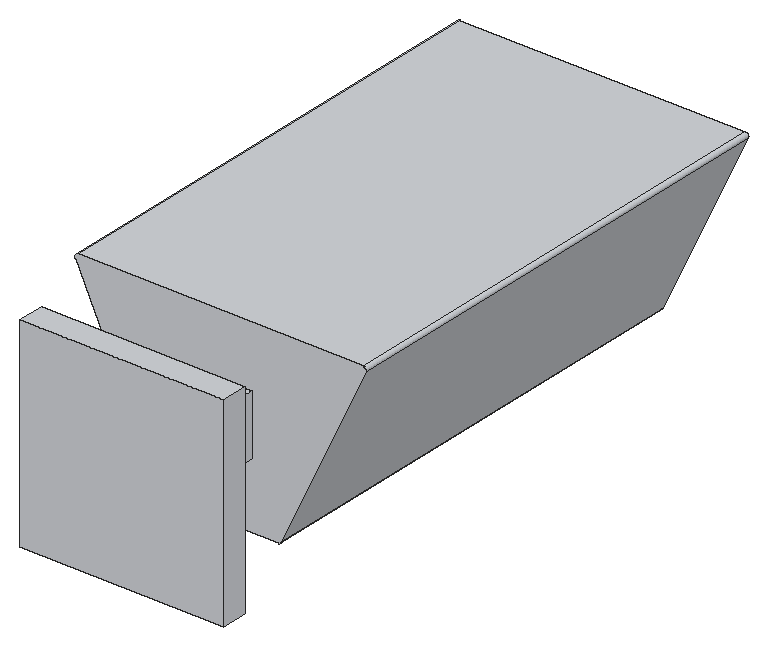
Revit family "Atlas_Sound_IP-DDS_Wall_Mounted", category Generic Models, host Wall, Revit 2016
Family settings
  Host = Wall
  Part Type = Normal
  Can host rebar = No
  Round Connector Dimension = Use Diameter
  Always vertical = Yes
  Cut with Voids When Loaded = No
  Shared = No
  Room Calculation Point = No
Parameters
  Warranty Duration (Years) = 0
  URL = "https://www.atlasied.com/ip-dds"
  Specification = ""
  SpecWizard = ""
  Send Message = ""
  Sales Information = ""
  Revision = ""
  Product Properties = ""
  Product Data = "https://www.atlasied.com/f/6029/IP-DDS_IP-DD_DataSheet.pdf"
  OmniClass Title = ""
  OmniClass Number = ""
  MasterFormat04 Keynote = ""
  Manufacturer's Notes = ""
  Manufacturer Website = "https://www.atlasied.com/"
  Manufacturer Phone - Toll Free = "800-876-3333"
  Manufacturer Phone = "602-438-4545"
  Manufacturer Fax = "602-438-8692"
  Manufacturer Email = ""
  Manufacturer Address = "4545 E. Baseline Rd. Phoenix, AZ 85040"
  Manufacturer = "Atlas Sound"
  Maintenance Schedule (Months) = 0
  Installation-Fabrication = "https://www.atlasied.com/f/6029/IP-DDS_IP-DD_DataSheet.pdf"
  Installation Phase = ""
  Green Building-LEED = ""
  Expected Lifespan (Years) = 0
  Drawn By = "Matt Wunch"
  Description = "POE+ IP compliant IP dual sided LCD endpoint with speakers"
  Copyright = "Arcat, Inc. ©2018"
  Construction Details = ""
  Company_ID = 0
  Category = ""
  Building Codes = ""
Reference planes (in)
  plane 1: y = 0
  plane 2 "Center (Left/Right)": x = 0
  plane 3 "Wall Edge": y = 3
  plane 4 "FACE": through (6.95581, 9, 55.27549) normal (-0.9062, 0, 0.4227)
Text (in)
  text "Placement Side" at (0, 40.15149, 123.01588), in view "Right"
  text "Placement Side" at (-70.3804, 28.46503, 0), in view "Ref. Level"
  text "Placement Side" at (0, 81.62555, 140.59947), in view "Left"
Dimensions and locks (in)
  locked: plane 3 "Wall Edge" to host wall
  aligned and locked: nested 1 to host wall
Nested families (in)
  nested 1: "IP-DDS" at (0, 3, 0), type "IP-DDS"
Connectors (in)
  electrical at (0.0014, 3, 3.455)
    settings: on nested 1, index 1, voltage 0 V, apparent load 0 VA, apparent load phase1 0 VA, apparent load phase2 0 VA, apparent load phase3 0 VA, power factor 1, load classification "Other", number of poles 1, system type 14, power factor state 1, is connector primary yes, connector utility no, sub classification motor no, connector description ""
Definition of nested family "IP-DDS"
  Parameters (values of type "Generic Model")
    Warranty Duration (Years) = 0
    Specification = ""
    SpecWizard = ""
    Send Message = ""
    Sales Information = ""
    Revision = ""
    Product Properties = ""
    Product Data = ""
    OmniClass Title = ""
    OmniClass Number = ""
    MasterFormat04 Keynote = ""
    Manufacturer's Notes = ""
    Manufacturer Website = ""
    Manufacturer Phone - Toll Free = ""
    Manufacturer Phone = ""
    Manufacturer Fax = ""
    Manufacturer Email = ""
    Manufacturer Address = ""
    Maintenance Schedule (Months) = 0
    Installation-Fabrication = ""
    Installation Phase = ""
    Green Building-LEED = ""
    Expected Lifespan (Years) = 0
    Drawn By = ""
    Copyright = ""
    Construction Details = ""
    Company_ID = 0
    Category = ""
    Building Codes = ""
  Reference planes (in)
    plane 1 "Center (Front/Back)": y = 0
    plane 2: z = 0
    plane 3 "Center (Left/Right)": x = 0
  Forms (in)
    Extrusion 1, solid
      sketch origin (0.00277, 0, -23.83935) x (1, 0, 0) y (0, 0, 1)
        loop
          line (3.45363, 30.74935) -> (-3.45637, 30.74935) -> (-3.45637, 23.83935) -> (3.45363, 23.83935) -> (3.45363, 30.74935)
      from -0.90026 to 0
    Extrusion 2, solid
      sketch origin (0.00277, 0, -23.11317) x (1, 0, 0) y (0, 0, 1)
        loop
          line (1.03638, 27.60817) -> (-1.04192, 27.60817) -> (-1.04192, 25.52817) -> (1.03638, 25.52817) -> (1.03638, 27.60817)
      from -4.20381 to -0.90026
    Extrusion 3, solid
      sketch origin (-27.20678, 0, 3.45363) x (0, 0, -1) y (1, 0, 0)
        loop
          line (-3.12016, 32.05364) -> (-3.12016, 22.36308)
          arc (-3.12016, 22.36308) -> (-3.06926, 22.2703) -> (-2.96366, 22.26339) r 0.11
          line (-2.96366, 22.26339) -> (3.2262, 25.15097)
          arc (3.2262, 25.15097) -> (3.27248, 25.19156) -> (3.2897, 25.25065) r 0.11
          line (3.2897, 25.25065) -> (3.2897, 29.16618)
          arc (3.2897, 29.16618) -> (3.27247, 29.22528) -> (3.2262, 29.26587) r 0.11
          line (3.2262, 29.26587) -> (-2.96366, 32.15333)
          arc (-2.96366, 32.15333) -> (-3.06926, 32.14642) -> (-3.12016, 32.05364) r 0.11
      from -20.42431 to -4.20381
    Extrusion 4, solid, not visible
      sketch origin (-24.15931, 2.625, -25.93498) x (1, 0, 0) y (0, 0, 1)
        loop
          line (3.45363, 30.74935) -> (-3.45637, 30.74935) -> (-3.45637, 23.83935) -> (3.45363, 23.83935) -> (3.45363, 30.74935)
      from -0.90026 to 0
    Extrusion 5, solid, not visible
      sketch origin (-24.15931, 2.625, -25.2088) x (1, 0, 0) y (0, 0, 1)
        loop
          line (1.03638, 27.60817) -> (-1.04192, 27.60817) -> (-1.04192, 25.52817) -> (1.03638, 25.52817) -> (1.03638, 27.60817)
      from -4.20381 to -0.90026
    Extrusion 6, solid, not visible
      sketch origin (-51.36886, 2.625, 1.358) x (0, 0, -1) y (1, 0, 0)
        loop
          line (-3.12016, 32.05364) -> (-3.12016, 22.36308)
          arc (-3.12016, 22.36308) -> (-3.06926, 22.2703) -> (-2.96366, 22.26339) r 0.11
          line (-2.96366, 22.26339) -> (3.2262, 25.15097)
          arc (3.2262, 25.15097) -> (3.27248, 25.19156) -> (3.2897, 25.25065) r 0.11
          line (3.2897, 25.25065) -> (3.2897, 29.16618)
          arc (3.2897, 29.16618) -> (3.27247, 29.22528) -> (3.2262, 29.26587) r 0.11
          line (3.2262, 29.26587) -> (-2.96366, 32.15333)
          arc (-2.96366, 32.15333) -> (-3.06926, 32.14642) -> (-3.12016, 32.05364) r 0.11
      from -20.42431 to -4.20381
  Lines and regions (in)
    model lines
      curve 1: line (4.20275, 8.58538, 4.82281) -> (2.985, 8.58538, 2.21232)
      curve 2: line (2.985, 8.58538, 2.21232) -> (2.985, 19.31571, 2.21232)
      curve 3: line (2.985, 19.31571, 2.21232) -> (4.20275, 19.31571, 4.82281)
      curve 4: line (4.20275, 19.31571, 4.82281) -> (4.20275, 8.58538, 4.82281)
      curve 5: line (4.04946, 5.57631, 4.49419) -> (4.04946, 8.17692, 4.49419)
      curve 6: line (4.00581, 8.17692, 4.40063) -> (4.00581, 5.57631, 4.40063)
      curve 7: arc (4.00581, 5.57631, 4.40063) -> (4.02764, 5.52469, 4.44741) -> (4.04946, 5.57631, 4.49419) r 0.05162
      curve 8: arc (4.04946, 8.17692, 4.49419) -> (4.02764, 8.22854, 4.44741) -> (4.00581, 8.17692, 4.40063) r 0.05162
      curve 9: line (3.96324, 5.57631, 4.30938) -> (3.96324, 8.17692, 4.30938)
      curve 10: line (3.9196, 8.17692, 4.21582) -> (3.9196, 5.57631, 4.21582)
      curve 11: arc (3.9196, 5.57631, 4.21582) -> (3.94142, 5.52469, 4.2626) -> (3.96324, 5.57631, 4.30938) r 0.05162
      curve 12: arc (3.96324, 8.17692, 4.30938) -> (3.94142, 8.22854, 4.2626) -> (3.9196, 8.17692, 4.21582) r 0.05162
      curve 13: line (3.87596, 5.57631, 4.12226) -> (3.87596, 8.17692, 4.12226)
      curve 14: line (3.83231, 8.17692, 4.0287) -> (3.83231, 5.57631, 4.0287)
      curve 15: arc (3.83231, 5.57631, 4.0287) -> (3.85414, 5.52469, 4.07548) -> (3.87596, 5.57631, 4.12226) r 0.05162
      curve 16: arc (3.87596, 8.17692, 4.12226) -> (3.85414, 8.22854, 4.07548) -> (3.83231, 8.17692, 4.0287) r 0.05162
      curve 17: line (3.78974, 5.57631, 3.93744) -> (3.78974, 8.17692, 3.93744)
      curve 18: line (3.7461, 8.17692, 3.84388) -> (3.7461, 5.57631, 3.84388)
      curve 19: arc (3.7461, 5.57631, 3.84388) -> (3.76792, 5.52469, 3.89066) -> (3.78974, 5.57631, 3.93744) r 0.05162
      curve 20: arc (3.78974, 8.17692, 3.93744) -> (3.76792, 8.22854, 3.89066) -> (3.7461, 8.17692, 3.84388) r 0.05162
      curve 21: line (3.70246, 5.57631, 3.75032) -> (3.70246, 8.17692, 3.75032)
      curve 22: line (3.65881, 8.17692, 3.65676) -> (3.65881, 5.57631, 3.65676)
      curve 23: arc (3.65881, 5.57631, 3.65676) -> (3.68063, 5.52469, 3.70354) -> (3.70246, 5.57631, 3.75032) r 0.05162
      curve 24: arc (3.70246, 8.17692, 3.75032) -> (3.68063, 8.22854, 3.70354) -> (3.65881, 8.17692, 3.65676) r 0.05162
      curve 25: line (3.61517, 5.57631, 3.56321) -> (3.61517, 8.17692, 3.56321)
      curve 26: line (3.57153, 8.17692, 3.46965) -> (3.57153, 5.57631, 3.46965)
      curve 27: arc (3.57153, 5.57631, 3.46965) -> (3.59335, 5.52469, 3.51643) -> (3.61517, 5.57631, 3.56321) r 0.05162
      curve 28: arc (3.61517, 8.17692, 3.56321) -> (3.59335, 8.22854, 3.51643) -> (3.57153, 8.17692, 3.46965) r 0.05162
      curve 29: line (3.52893, 5.57631, 3.37834) -> (3.52893, 8.17692, 3.37834)
      curve 30: line (3.48529, 8.17692, 3.28478) -> (3.48529, 5.57631, 3.28478)
      curve 31: arc (3.48529, 5.57631, 3.28478) -> (3.50711, 5.52469, 3.33156) -> (3.52893, 5.57631, 3.37834) r 0.05162
      curve 32: arc (3.52893, 8.17692, 3.37834) -> (3.50711, 8.22854, 3.33156) -> (3.48529, 8.17692, 3.28478) r 0.05162
      curve 33: line (3.44167, 5.57631, 3.19127) -> (3.44167, 8.17692, 3.19127)
      curve 34: line (3.39803, 8.17692, 3.09771) -> (3.39803, 5.57631, 3.09771)
      curve 35: arc (3.39803, 5.57631, 3.09771) -> (3.41985, 5.52469, 3.14449) -> (3.44167, 5.57631, 3.19127) r 0.05162
      curve 36: arc (3.44167, 8.17692, 3.19127) -> (3.41985, 8.22854, 3.14449) -> (3.39803, 8.17692, 3.09771) r 0.05162
      curve 37: line (3.35543, 5.57631, 3.00641) -> (3.35543, 8.17692, 3.00641)
      curve 38: line (3.31179, 8.17692, 2.91285) -> (3.31179, 5.57631, 2.91285)
      curve 39: arc (3.31179, 5.57631, 2.91285) -> (3.33361, 5.52469, 2.95963) -> (3.35543, 5.57631, 3.00641) r 0.05162
      curve 40: arc (3.35543, 8.17692, 3.00641) -> (3.33361, 8.22854, 2.95963) -> (3.31179, 8.17692, 2.91285) r 0.05162
      curve 41: line (3.26814, 5.57631, 2.81929) -> (3.26814, 8.17692, 2.81929)
      curve 42: line (3.2245, 8.17692, 2.72573) -> (3.2245, 5.57631, 2.72573)
      curve 43: arc (3.2245, 5.57631, 2.72573) -> (3.24632, 5.52469, 2.77251) -> (3.26814, 5.57631, 2.81929) r 0.05162
      curve 44: arc (3.26814, 8.17692, 2.81929) -> (3.24632, 8.22854, 2.77251) -> (3.2245, 8.17692, 2.72573) r 0.05162
      curve 45: line (3.18193, 5.57631, 2.63447) -> (3.18193, 8.17692, 2.63447)
      curve 46: line (3.13829, 8.17692, 2.54091) -> (3.13829, 5.57631, 2.54091)
      curve 47: arc (3.13829, 5.57631, 2.54091) -> (3.16011, 5.52469, 2.58769) -> (3.18193, 5.57631, 2.63447) r 0.05162
      curve 48: arc (3.18193, 8.17692, 2.63447) -> (3.16011, 8.22854, 2.58769) -> (3.13829, 8.17692, 2.54091) r 0.05162
    model lines, not visible
      curve 49: line (-19.95933, 11.21038, 2.72718) -> (-21.17708, 11.21038, 0.11669)
      curve 50: line (-21.17708, 11.21038, 0.11669) -> (-21.17708, 21.94071, 0.11669)
      curve 51: line (-21.17708, 21.94071, 0.11669) -> (-19.95933, 21.94071, 2.72718)
      curve 52: line (-19.95933, 21.94071, 2.72718) -> (-19.95933, 11.21038, 2.72718)
      curve 53: line (-20.11263, 8.20131, 2.39856) -> (-20.11263, 10.80192, 2.39856)
      curve 54: line (-20.15627, 10.80192, 2.305) -> (-20.15627, 8.20131, 2.305)
      curve 55: arc (-20.15627, 8.20131, 2.305) -> (-20.13445, 8.14969, 2.35178) -> (-20.11263, 8.20131, 2.39856) r 0.05162
      curve 56: arc (-20.11263, 10.80192, 2.39856) -> (-20.13445, 10.85354, 2.35178) -> (-20.15627, 10.80192, 2.305) r 0.05162
      curve 57: line (-20.19884, 8.20131, 2.21375) -> (-20.19884, 10.80192, 2.21375)
      curve 58: line (-20.24249, 10.80192, 2.12019) -> (-20.24249, 8.20131, 2.12019)
      curve 59: arc (-20.24249, 8.20131, 2.12019) -> (-20.22066, 8.14969, 2.16697) -> (-20.19884, 8.20131, 2.21375) r 0.05162
      curve 60: arc (-20.19884, 10.80192, 2.21375) -> (-20.22066, 10.85354, 2.16697) -> (-20.24249, 10.80192, 2.12019) r 0.05162
      curve 61: line (-20.28613, 8.20131, 2.02663) -> (-20.28613, 10.80192, 2.02663)
      curve 62: line (-20.32977, 10.80192, 1.93307) -> (-20.32977, 8.20131, 1.93307)
      curve 63: arc (-20.32977, 8.20131, 1.93307) -> (-20.30795, 8.14969, 1.97985) -> (-20.28613, 8.20131, 2.02663) r 0.05162
      curve 64: arc (-20.28613, 10.80192, 2.02663) -> (-20.30795, 10.85354, 1.97985) -> (-20.32977, 10.80192, 1.93307) r 0.05162
      curve 65: line (-20.37234, 8.20131, 1.84181) -> (-20.37234, 10.80192, 1.84181)
      curve 66: line (-20.41599, 10.80192, 1.74825) -> (-20.41599, 8.20131, 1.74825)
      curve 67: arc (-20.41599, 8.20131, 1.74825) -> (-20.39416, 8.14969, 1.79503) -> (-20.37234, 8.20131, 1.84181) r 0.05162
      curve 68: arc (-20.37234, 10.80192, 1.84181) -> (-20.39416, 10.85354, 1.79503) -> (-20.41599, 10.80192, 1.74825) r 0.05162
      curve 69: line (-20.45963, 8.20131, 1.65469) -> (-20.45963, 10.80192, 1.65469)
      curve 70: line (-20.50327, 10.80192, 1.56114) -> (-20.50327, 8.20131, 1.56114)
      curve 71: arc (-20.50327, 8.20131, 1.56114) -> (-20.48145, 8.14969, 1.60792) -> (-20.45963, 8.20131, 1.65469) r 0.05162
      curve 72: arc (-20.45963, 10.80192, 1.65469) -> (-20.48145, 10.85354, 1.60792) -> (-20.50327, 10.80192, 1.56114) r 0.05162
      curve 73: line (-20.54692, 8.20131, 1.46758) -> (-20.54692, 10.80192, 1.46758)
      curve 74: line (-20.59056, 10.80192, 1.37402) -> (-20.59056, 8.20131, 1.37402)
      curve 75: arc (-20.59056, 8.20131, 1.37402) -> (-20.56874, 8.14969, 1.4208) -> (-20.54692, 8.20131, 1.46758) r 0.05162
      curve 76: arc (-20.54692, 10.80192, 1.46758) -> (-20.56874, 10.85354, 1.4208) -> (-20.59056, 10.80192, 1.37402) r 0.05162
      curve 77: line (-20.63315, 8.20131, 1.28271) -> (-20.63315, 10.80192, 1.28271)
      curve 78: line (-20.6768, 10.80192, 1.18915) -> (-20.6768, 8.20131, 1.18915)
      curve 79: arc (-20.6768, 8.20131, 1.18915) -> (-20.65498, 8.14969, 1.23593) -> (-20.63315, 8.20131, 1.28271) r 0.05162
      curve 80: arc (-20.63315, 10.80192, 1.28271) -> (-20.65498, 10.85354, 1.23593) -> (-20.6768, 10.80192, 1.18915) r 0.05162
      curve 81: line (-20.72042, 8.20131, 1.09564) -> (-20.72042, 10.80192, 1.09564)
      curve 82: line (-20.76406, 10.80192, 1.00208) -> (-20.76406, 8.20131, 1.00208)
      curve 83: arc (-20.76406, 8.20131, 1.00208) -> (-20.74224, 8.14969, 1.04886) -> (-20.72042, 8.20131, 1.09564) r 0.05162
      curve 84: arc (-20.72042, 10.80192, 1.09564) -> (-20.74224, 10.85354, 1.04886) -> (-20.76406, 10.80192, 1.00208) r 0.05162
      curve 85: line (-20.80665, 8.20131, 0.91078) -> (-20.80665, 10.80192, 0.91078)
      curve 86: line (-20.8503, 10.80192, 0.81722) -> (-20.8503, 8.20131, 0.81722)
      curve 87: arc (-20.8503, 8.20131, 0.81722) -> (-20.82848, 8.14969, 0.864) -> (-20.80665, 8.20131, 0.91078) r 0.05162
      curve 88: arc (-20.80665, 10.80192, 0.91078) -> (-20.82848, 10.85354, 0.864) -> (-20.8503, 10.80192, 0.81722) r 0.05162
      curve 89: line (-20.89394, 8.20131, 0.72366) -> (-20.89394, 10.80192, 0.72366)
      curve 90: line (-20.93758, 10.80192, 0.6301) -> (-20.93758, 8.20131, 0.6301)
      curve 91: arc (-20.93758, 8.20131, 0.6301) -> (-20.91576, 8.14969, 0.67688) -> (-20.89394, 8.20131, 0.72366) r 0.05162
      curve 92: arc (-20.89394, 10.80192, 0.72366) -> (-20.91576, 10.85354, 0.67688) -> (-20.93758, 10.80192, 0.6301) r 0.05162
      curve 93: line (-20.98015, 8.20131, 0.53884) -> (-20.98015, 10.80192, 0.53884)
      curve 94: line (-21.0238, 10.80192, 0.44528) -> (-21.0238, 8.20131, 0.44528)
      curve 95: arc (-21.0238, 8.20131, 0.44528) -> (-21.00198, 8.14969, 0.49206) -> (-20.98015, 8.20131, 0.53884) r 0.05162
      curve 96: arc (-20.98015, 10.80192, 0.53884) -> (-21.00198, 10.85354, 0.49206) -> (-21.0238, 10.80192, 0.44528) r 0.05162
  Dimensions and locks (in)
    aligned and locked: plane 2 to level
